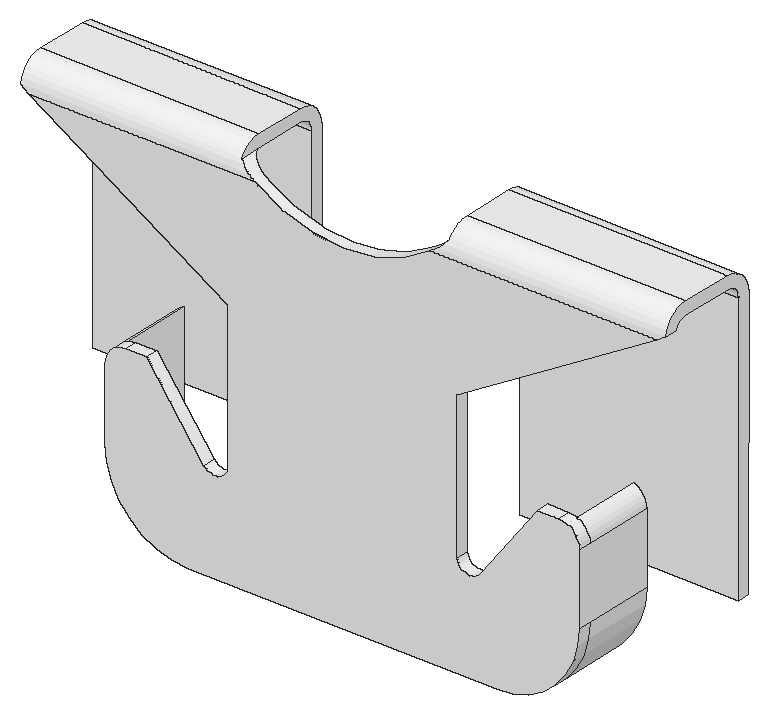
Revit family "特殊10mmSクリップ", category 機械設備, Revit 2020
Family settings
  丸型コネクタ寸法 = 直径を使用
  種別 = なし
  パーツ タイプ = 標準
  作業面ベース = いいえ
  常に垂直 = はい
  ロード時にボイドで切り取り = いいえ
  共有 = いいえ
  部屋計算ポイント = いいえ
Parameters
  製造元 = "株式会社桐井製作所"
  既定の高さ = 0 mm
  URL = "https://www.kirii.co.jp/"
  K_品名 = "特殊10mmSクリップ"
  K_名称 = "特殊クリップ"
  K_入数 = "2000"
  K_バージョン情報 = "20211012"
Reference planes
  plane 1 "中心(正面/背面)": y = 0
  plane 2: z = 0
  plane 3 "中心(左/右)": x = 0
Forms (mm)
  Extrusion 1, solid
    sketch origin (0, 30, 0) x (0, 1, 0) y (0, 0, 1)
      loop
        line (-30, 0) -> (-29.4, -0.6) -> (-29.4, 17.75)
        arc (-29.4, 17.75) -> (-29.21, 18.21) -> (-28.75, 18.4) r 0.65
        line (-28.75, 18.4) -> (-26.25, 18.4)
        arc (-26.25, 18.4) -> (-25.79, 18.21) -> (-25.6, 17.75) r 0.65
        line (-25.6, 17.75) -> (-25.6, 4.129) -> (-25, 4.729) -> (-25, 17.75)
        arc (-25, 17.75) -> (-25.366, 18.634) -> (-26.25, 19) r 1.25
        line (-26.25, 19) -> (-28.75, 19)
        arc (-28.75, 19) -> (-29.634, 18.634) -> (-30, 17.75) r 1.25
        line (-30, 17.75) -> (-30, 0)
    from -15.5 to 15.5
  Extrusion 2, void
    sketch origin (0, 0, 0) x (1, 0, 0) y (0, 0, 1)
      loop
        line (-5.5, 12) -> (-15.5, 18) -> (-15.5, 0) -> (-7.4, 0)
        arc (-7.4, 0) -> (-10.228, 1.172) -> (-11.4, 4) r 4
        line (-11.4, 4) -> (-11.4, 7.4)
        arc (-11.4, 7.4) -> (-11.107, 8.107) -> (-10.4, 8.4) r 1
        line (-10.4, 8.4) -> (-9.4, 8.4) -> (-6.65, 4.702)
        arc (-6.65, 4.702) -> (-5.975, 4.464) -> (-5.5, 5) r 0.641
        line (-5.5, 5) -> (-5.5, 12)
      loop
        line (5.5, 12) -> (5.5, 5)
        arc (5.5, 5) -> (5.975, 4.464) -> (6.65, 4.702) r 0.641
        line (6.65, 4.702) -> (9.4, 8.4) -> (10.4, 8.4)
        arc (10.4, 8.4) -> (11.107, 8.107) -> (11.4, 7.4) r 1
        line (11.4, 7.4) -> (11.4, 4)
        arc (11.4, 4) -> (10.228, 1.172) -> (7.4, 0) r 4
        line (7.4, 0) -> (15.5, 0) -> (15.5, 18) -> (5.5, 12)
    from -0.828 to 0.213
  Extrusion 3, void
    sketch origin (0.081, 0, -0.611) x (1, 0, 0) y (0, 0, 1)
      loop
        arc (-5.081, 19.011) -> (-0.081, 17.011) -> (4.919, 19.011) r 7.25
        line (4.919, 19.011) -> (4.919, 19.969) -> (-5.081, 19.969) -> (-5.081, 19.011)
    from -3.583 to 0.213
  Extrusion 4, void
    sketch origin (0, -0.6, -0.8) x (0, 1, 0) y (0, 0, 1)
      loop
        line (0.387, 0.8) -> (0.387, -0.064) -> (1.428, -0.064) -> (1.428, 0.8) -> (0.387, 0.8)
    from -15.5 to 15.5
  Extrusion 5, solid
    sketch origin (0, 0, 0) x (1, 0, 0) y (0, 0, 1)
      loop
        arc (-11.4, 4) -> (-10.228, 1.172) -> (-7.4, 0) r 4
        line (-7.4, 0) -> (7.4, 0)
        arc (7.4, 0) -> (10.228, 1.172) -> (11.4, 4) r 4
        line (11.4, 4) -> (11.4, 7.4)
        arc (11.4, 7.4) -> (11.237, 7.948) -> (10.8, 8.317) r 1
        line (10.8, 8.317) -> (10.8, 4)
        arc (10.8, 4) -> (9.804, 1.596) -> (7.4, 0.6) r 3.4
        line (7.4, 0.6) -> (-7.4, 0.6)
        arc (-7.4, 0.6) -> (-9.804, 1.596) -> (-10.8, 4) r 3.4
        line (-10.8, 4) -> (-10.8, 8.317)
        arc (-10.8, 8.317) -> (-11.237, 7.948) -> (-11.4, 7.4) r 1
        line (-11.4, 7.4) -> (-11.4, 4)
    from -4 to 0
  Extrusion 6, void
    sketch origin (0, -11.6, -15.017) x (0, 1, 0) y (0, 0, 1)
      loop
        line (15.842, 19.745) -> (15.842, 18.925) -> (16.756, 18.925) -> (16.756, 19.745) -> (15.842, 19.745)
    from -15.5 to 15.5
  Extrusion 7, void
    sketch origin (0, 0, 0) x (1, 0, 0) y (0, 0, 1)
      loop
        line (-5, 19.358) -> (-5, 4.729) -> (5, 4.729) -> (5, 19.358) -> (-5, 19.358)
    from -3.583 to -5.28
Cuts and joins
  Extrusion 2, Extrusion 3, Extrusion 4, Extrusion 6, Extrusion 7 cuts Extrusion 1
  joined: Extrusion 1, Extrusion 5
Dimensions and locks
  aligned and locked: level to plane 2
